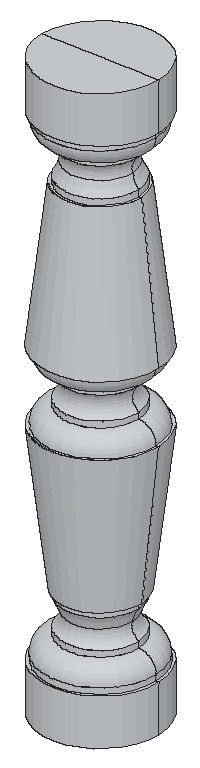
Revit family
Parameters (values of type "Balustrade R25")
  Width = 0' - 5"
  URL = "www.strombergarchitectural.com"
  Top Material = none
  Submittal Sheet = "www.strombergarchitectural.com/images/materials/gfrc/submittal/gfrc-submittal-sheet.pdf"
  Specifications = "www.strombergarchitectural.com/gfrcspecifications"
  Model Cut-sheet = "http://www.strombergarchitectural.com/products/balustrade/design/R25"
  Model = "Balustrade R25"
  Manufacturer = "Stromberg Architectural Products"
  Guidebook = "www.strombergarchitectural.com/images/materials/gfrc/handbooks/gfrc_guidebook.pdf   \r\n(http://www.strombergarchitectural.com/images/materials/gfrc/handbooks/gfrc_guidebook.pdf"
  Description = "GFRC Baluster"
  Assembly Code = ""
  Height = 2' - 1"
  XXX.5 = no
  XXX.4 = no
  XXX.3 = no
  XXX.2 = no
  XXX.1 = yes
Reference planes (in)
  plane 1 "Center (Front/Back)": y = 3.74847
  plane 2: z = 0
  plane 3 "Center (Left/Right)": x = 0.7278
  plane 4 "Front": y = -3.25153
  plane 5 "Back": y = 10.74847
Forms (in)
  Revolve 1, solid
    sketch origin (0, 3.74847, 0) x (1, 0, 0) y (0, 0, 1)
      loop
        line (-1.7722, 25) -> (-1.7722, 23) -> (-1.6472, 23) -> (-1.6472, 22.75)
        arc (-1.6472, 22.75) -> (-1.42753, 22.21967) -> (-0.8972, 22) r 0.75
        line (-0.8972, 22) -> (-0.8972, 21.75)
        arc (-0.8972, 21.75) -> (-0.66812, 21.4441) -> (-0.6472, 21.0625) r 0.6594
        arc (-0.6472, 21.0625) -> (-0.74696, 20.77003) -> (-0.8972, 20.5) r 1.72871
        line (-0.8972, 20.5) -> (-0.8972, 20.25) -> (-1.0222, 20.25) -> (-1.7722, 14) -> (-1.6472, 14)
        arc (-1.6472, 14) -> (-1.42753, 13.46967) -> (-0.8972, 13.25) r 0.75
        line (-0.8972, 13.25) -> (-0.8972, 13)
        arc (-0.8972, 13) -> (-0.6472, 12.5) -> (-0.8972, 12) r 0.625
        line (-0.8972, 12) -> (-0.8972, 11.75)
        arc (-0.8972, 11.75) -> (-1.42753, 11.53033) -> (-1.6472, 11) r 0.75
        line (-1.6472, 11) -> (-1.7722, 11) -> (-1.0222, 4.75) -> (-0.8972, 4.75) -> (-0.8972, 4.5)
        arc (-0.8972, 4.5) -> (-0.74696, 4.22997) -> (-0.6472, 3.9375) r 1.72871
        arc (-0.6472, 3.9375) -> (-0.66812, 3.5559) -> (-0.8972, 3.25) r 0.6594
        line (-0.8972, 3.25) -> (-0.8972, 3)
        arc (-0.8972, 3) -> (-1.42753, 2.78033) -> (-1.6472, 2.25) r 0.75
        line (-1.6472, 2.25) -> (-1.6472, 2) -> (-1.7722, 2) -> (-1.7722, 0) -> (0.7278, 0) -> (0.7278, 25) -> (-1.7722, 25)
      axis (0.7278, 25) -> (0.7278, 0)
    angle from 0 to 360
Dimensions and locks (in)
  aligned and locked: level to plane 2
